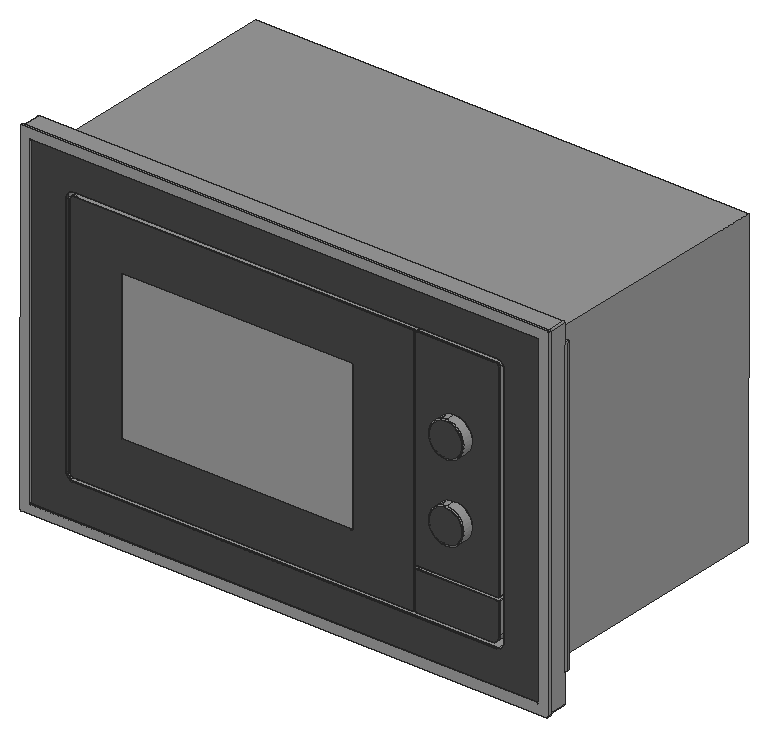
Revit family "ML-820 BI", category Specialty Equipment, Revit 2017
Family settings
  Round Connector Dimension = Use Diameter
  Part Type = Normal
  OmniClass Number = 23.75.00.00
  OmniClass Title = Climate Control (HVAC)
  Work Plane-Based = No
  Always vertical = Yes
  Cut with Voids When Loaded = No
  Shared = No
  Room Calculation Point = No
Parameters (values of type "ML 820 BI")
  URL = "www.teka.cl"
  Perilla Negro = Teka_Perilla Negro
  Perilla Aluminio = Teka_Acero Inox
  Panel Vidrio = Teka_Panel Vidrio
  Panel Negro = Teka_Panel Negro
  Panel Interior = Teka_Panel Interior
  Model = "ML 820 BI"
  Manufacturer = "Teka"
  Logo Teka = Teka_Logo
  Interior Negro = Teka_Interior Negro
  Description = "Microondas empotrable para muebles de cocina"
  Ca_Web del Representante = "www.teka.cl"
  Ca_Web del Fabricante = "www.teka.com"
  Ca_Usos = "Microondas empotrable para muebles de cocina"
  Ca_Teléfono = "99821 1017"
  Ca_Representante = "Teka"
  Ca_Profundidad Interior = 280 mm
  Ca_Profundidad = 325 mm
  Ca_Producto = "Microondas ML 820 BI"
  Ca_Peso = "21,5 kg"
  Ca_País de Fabricación = "Portugal"
  Ca_Medidas de embalaje = "450 x 645 x 440 mm"
  Ca_Material Principal = "Acero inoxidable antihuella"
  Ca_Masterformat = "11 30 13.13"
  Ca_Itemizado CDT = "E 08 06 02"
  Ca_Instalación = "Empotrado"
  Ca_Fabricante = "Teka"
  Ca_Especificaciones Técnicas = "Microondas empotrable para cocina modelo ML 820 BI"
  Ca_Código del Producto = "40584201"
  Ca_Código EAN = "8421152145562"
  Ca_Código Catálogo Arquitectura = "465_TEK_014"
  Ca_Creado por = "Catálogo Arquitectura"
  Ca_Contacto = "Khorzella@teka.cl"
  Ca_Clase de Eficiencia Energética = ""
  Ca_Certificaciones = ""
  Ca_Capacidad en Litros = 20
  Ca_Ancho Interior = 305 mm
  Ca_Ancho = 595 mm
  Ca_Alto Interior = 210 mm
  Ca_Alto = 390 mm
  Ca_4_Plato dorador = no
  Ca_4_Parrilla para cocinado = "No"
  Ca_3_Ventilación de enfriamiento = yes
  Ca_3_Termostato de Seguridad = yes
  Ca_3_Puerta con chip de seguridad = yes
  Ca_3_Grill de resistencia = no
  Ca_3_Grill de cuarzo integrado = no
  Ca_3_Bloqueo de seguridad del panel = no
  Ca_2_Tipo de instalación = "Integración"
  Ca_2_Temporizador (minutos) = "60"
  Ca_2_Plato giratorio integrado = yes
  Ca_2_Panel de mandos electrónico = no
  Ca_2_Panel de mandos electromecánico = yes
  Ca_2_Panel de mandos Touch Control = yes
  Ca_2_Niveles de potencia = "5"
  Ca_2_Microondas + Grill = no
  Ca_2_Menus de cocción directa = "1"
  Ca_2_Marco de acero inox. opcional = "No"
  Ca_2_Interior cavidad = "Inox"
  Ca_2_Grill Abatible = no
  Ca_2_Funciones de cocinado = "1"
  Ca_2_Descongelación por tiempo = yes
  Ca_2_Descongelación por peso = no
  Ca_2_Botón + 30 segundos = no
  Ca_2_Botón + 1 minuto = no
  Ca_2_Base Cerámica = no
  Ca_2_Acabado Slim en acero inox antihuella = yes
  Ca_1_Tensión 220/240 V. = "SI"
  Ca_1_Potencia turbo W. = "-"
  Ca_1_Potencia salida mwo W. = "700"
  Ca_1_Potencia nominal max. W. = "1100"
  Ca_1_Potencia grill W. = "-"
  Ca_1_Frecuencia Hz. = "50"
  Ca_1_Cable de conexión = 0 mm
  Borde Aluminio = Teka_Acero Inox
Reference planes
  plane 1 "Centro (Frontal/Posterior)": y = 0
  plane 2: z = 0
  plane 3 "Centro (Izquierda/Derecha)": x = 0
  plane 4: x = -177.5
  plane 5: x = 177.5
  plane 6: y = 81.25
  plane 7: y = -82.05
Forms (mm)
  Extrusion 1, solid, material "Teka_Panel Vidrio" <- "Panel Vidrio"
    sketch origin (-917.72, -163.25, 4000) x (-1, 0, 0) y (0, 0, 1)
      loop
        line (-675.72, -3943) -> (-675.72, -3667)
        arc (-675.72, -3667) -> (-676.891, -3664.172) -> (-679.72, -3663) r 4
        line (-679.72, -3663) -> (-1060.92, -3663)
        arc (-1060.92, -3663) -> (-1062.334, -3663.586) -> (-1062.92, -3665) r 2
        line (-1062.92, -3665) -> (-1062.92, -3945)
        arc (-1062.92, -3945) -> (-1062.334, -3946.414) -> (-1060.92, -3947) r 2
        line (-1060.92, -3947) -> (-679.72, -3947)
        arc (-679.72, -3947) -> (-676.891, -3945.828) -> (-675.72, -3943) r 4
    from -1 to 0
  Extrusion 2, solid, material "Teka_Acero Inox" <- "Borde Aluminio"
    sketch origin (-917.72, -162.45, 4000) x (-1, 0, 0) y (0, 0, 1)
      loop
        line (-1213.72, -4000) -> (-621.72, -4000)
        arc (-621.72, -4000) -> (-620.659, -3999.561) -> (-620.22, -3998.5) r 1.5
        line (-620.22, -3998.5) -> (-620.22, -3611.5)
        arc (-620.22, -3611.5) -> (-620.659, -3610.439) -> (-621.72, -3610) r 1.5
        line (-621.72, -3610) -> (-1213.72, -3610)
        arc (-1213.72, -3610) -> (-1214.78, -3610.439) -> (-1215.22, -3611.5) r 1.5
        line (-1215.22, -3611.5) -> (-1215.22, -3998.5)
        arc (-1215.22, -3998.5) -> (-1214.78, -3999.561) -> (-1213.72, -4000) r 1.5
      loop
        line (-1203.22, -3989.5) -> (-632.22, -3989.5)
        arc (-632.22, -3989.5) -> (-631.159, -3989.061) -> (-630.72, -3988) r 1.5
        line (-630.72, -3988) -> (-630.72, -3622)
        arc (-630.72, -3622) -> (-631.159, -3620.939) -> (-632.22, -3620.5) r 1.5
        line (-632.22, -3620.5) -> (-1203.22, -3620.5)
        arc (-1203.22, -3620.5) -> (-1204.28, -3620.939) -> (-1204.72, -3622) r 1.5
        line (-1204.72, -3622) -> (-1204.72, -3988)
        arc (-1204.72, -3988) -> (-1204.28, -3989.061) -> (-1203.22, -3989.5) r 1.5
    from 0 to -2.554
  Extrusion 3, solid, material "Teka_Panel Negro" <- "Panel Negro"
    sketch origin (-917.72, -163.25, 4000) x (-1, 0, 0) y (0, 0, 1)
      loop
        line (-1155.72, -3951.5) -> (-679.72, -3951.5)
        arc (-679.72, -3951.5) -> (-673.709, -3949.01) -> (-671.22, -3943) r 8.5
        line (-671.22, -3943) -> (-671.22, -3667)
        arc (-671.22, -3667) -> (-673.709, -3660.99) -> (-679.72, -3658.5) r 8.5
        line (-679.72, -3658.5) -> (-1155.72, -3658.5)
        arc (-1155.72, -3658.5) -> (-1161.73, -3660.99) -> (-1164.22, -3667) r 8.5
        line (-1164.22, -3667) -> (-1164.22, -3943)
        arc (-1164.22, -3943) -> (-1161.73, -3949.01) -> (-1155.72, -3951.5) r 8.5
      loop
        arc (-632.22, -3989.5) -> (-631.159, -3989.061) -> (-630.72, -3988) r 1.5
        line (-630.72, -3988) -> (-630.72, -3622)
        arc (-630.72, -3622) -> (-631.159, -3620.939) -> (-632.22, -3620.5) r 1.5
        line (-632.22, -3620.5) -> (-1203.22, -3620.5)
        arc (-1203.22, -3620.5) -> (-1204.28, -3620.939) -> (-1204.72, -3622) r 1.5
        line (-1204.72, -3622) -> (-1204.72, -3988)
        arc (-1204.72, -3988) -> (-1204.28, -3989.061) -> (-1203.22, -3989.5) r 1.5
        line (-1203.22, -3989.5) -> (-632.22, -3989.5)
    from 0 to 0.8
  Extrusion 4, solid, material "Teka_Interior Negro" <- "Interior Negro"
    sketch origin (-917.72, -162.45, 4000) x (-1, 0, 0) y (0, 0, 1)
      loop
        arc (-621.22, -3612.555) -> (-621.675, -3611.455) -> (-622.774, -3611) r 1.555
        line (-622.774, -3611) -> (-1212.665, -3611)
        arc (-1212.665, -3611) -> (-1213.764, -3611.455) -> (-1214.22, -3612.555) r 1.555
        line (-1214.22, -3612.555) -> (-1214.22, -3997.445)
        arc (-1214.22, -3997.445) -> (-1213.764, -3998.545) -> (-1212.665, -3999) r 1.555
        line (-1212.665, -3999) -> (-622.774, -3999)
        arc (-622.774, -3999) -> (-621.675, -3998.545) -> (-621.22, -3997.445) r 1.555
        line (-621.22, -3997.445) -> (-621.22, -3612.555)
      loop
        line (-992.82, -3889) -> (-732.82, -3889) -> (-732.82, -3721) -> (-992.82, -3721) -> (-992.82, -3889)
    from 0 to 21.2
  Extrusion 5, solid, material "Teka_Acero Inox" <- "Borde Aluminio"
    sketch origin (-287, -1530.25, 864.408) x (0, 0, 1) y (0, -1, 0)
      loop
        line (-496.808, -1671.5) -> (-496.808, -1389) -> (-829.408, -1389) -> (-829.408, -1671.5) -> (-496.808, -1671.5)
    from 9.5 to 564.5
  Extrusion 6, solid, material "Teka_Panel Interior" <- "Panel Interior"
    sketch origin (-917.72, -141.25, 4000) x (-1, 0, 0) y (0, 0, 1)
      loop
        line (-992.82, -3889) -> (-732.82, -3889) -> (-732.82, -3721) -> (-992.82, -3721) -> (-992.82, -3889)
    from 0 to -21.2
  Blend 7, solid, material "Teka_Acero Inox" <- "Borde Aluminio"
    base sketch origin (-304.4, 141.25, 0) x (0, 0, 1) y (1, 0, 0)
      loop
        line (135, 84.5) -> (269.1, 84.5)
        arc (269.1, 84.5) -> (286.778, 91.822) -> (294.1, 109.5) r 25
        line (294.1, 109.5) -> (294.1, 389.5)
        arc (294.1, 389.5) -> (286.778, 407.178) -> (269.1, 414.5) r 25
        line (269.1, 414.5) -> (135, 414.5)
        arc (135, 414.5) -> (117.322, 407.178) -> (110, 389.5) r 25
        line (110, 389.5) -> (110, 109.5)
        arc (110, 109.5) -> (117.322, 91.822) -> (135, 84.5) r 25
    top sketch origin (-304.4, 141.25, 0) x (0, 0, 1) y (1, 0, 0)
      loop
        line (266.5, 159.5) -> (266.5, 339.5)
        arc (266.5, 339.5) -> (259.178, 357.178) -> (241.5, 364.5) r 25
        line (241.5, 364.5) -> (185, 364.5)
        arc (185, 364.5) -> (167.322, 357.178) -> (160, 339.5) r 25
        line (160, 339.5) -> (160, 159.5)
        arc (160, 159.5) -> (167.322, 141.822) -> (185, 134.5) r 25
        line (185, 134.5) -> (241.5, 134.5)
        arc (241.5, 134.5) -> (259.178, 141.822) -> (266.5, 159.5) r 25
    from 0 to 29.5
  Extrusion 8, solid, material "Teka_Panel Negro" <- "Panel Negro"
    sketch origin (-287, 141.25, 0) x (0, 0, 1) y (1, 0, 0)
      loop
        line (337.6, 429.5) -> (337.6, 469.5) -> (315.1, 469.5) -> (315.1, 429.5) -> (337.6, 429.5)
    from 0 to 20
  Revolve 9, solid, material "Teka_Acero Inox" <- "Perilla Aluminio"
    sketch origin (193.946, 2.25, 103.969) x (0, -1, 0) y (0, 0, 1)
      loop
        arc (182.5, 78.559) -> (182.079, 79.204) -> (181.368, 79.499) r 1.302
        line (181.368, 79.499) -> (170.658, 79.615) -> (170, 78.263) -> (182.5, 78.559)
      axis (170, 59.744) -> (182.5, 59.744)
    angle from 0 to 360
  Extrusion 10, solid, material "Teka_Perilla Negro" <- "Perilla Negro"
    sketch origin (-818.773, -274.25, 4110.482) x (-1, 0, 0) y (0, 0, 1)
      loop
        circle (-1012.685, -3946.75) r 18.5
    from 106.5 to 107.5
  Extrusion 11, solid, material "Teka_Perilla Negro" <- "Perilla Negro"
    sketch origin (-818.773, -274.882, 4110.482) x (-1, 0, 0) y (0, 0, 1)
      loop
        circle (-1012.72, -3946.768) r 5
    from 108.132 to 110.632
  Extrusion 12, solid, material "Teka_Perilla Negro" <- "Perilla Negro"
    sketch origin (-818.773, -275.75, 4110.482) x (-1, 0, 0) y (0, 0, 1)
      loop
        circle (-1012.72, -3946.768) r 18.814
    from 95.18 to 96.632
  Revolve 13, solid, material "Teka_Acero Inox" <- "Perilla Aluminio"
    sketch origin (193.946, 2.25, 191.092) x (0, -1, 0) y (0, 0, 1)
      loop
        arc (182.5, 78.559) -> (182.079, 79.204) -> (181.368, 79.499) r 1.302
        line (181.368, 79.499) -> (170.658, 79.615) -> (170, 78.263) -> (182.5, 78.559)
      axis (170, 59.744) -> (182.5, 59.744)
    angle from 0 to 360
  Extrusion 14, solid, material "Teka_Perilla Negro" <- "Perilla Negro"
    sketch origin (-818.773, -274.25, 4197.605) x (-1, 0, 0) y (0, 0, 1)
      loop
        circle (-1012.685, -3946.75) r 18.5
    from 106.5 to 107.5
  Extrusion 15, solid, material "Teka_Perilla Negro" <- "Perilla Negro"
    sketch origin (-818.773, -274.882, 4197.605) x (-1, 0, 0) y (0, 0, 1)
      loop
        circle (-1012.72, -3946.768) r 5
    from 108.132 to 110.632
  Extrusion 16, solid, material "Teka_Perilla Negro" <- "Perilla Negro"
    sketch origin (-818.773, -275.75, 4197.605) x (-1, 0, 0) y (0, 0, 1)
      loop
        circle (-1012.72, -3946.768) r 18.814
    from 95.18 to 96.632
  Extrusion 17, solid, material "Teka_Panel Negro" <- "Panel Negro"
    sketch origin (-1088.267, -163.25, 3637.477) x (-1, 0, 0) y (0, 0, 1)
      loop
        arc (-846.267, -3304.477) -> (-847.438, -3301.648) -> (-850.267, -3300.477) r 4
        line (-850.267, -3300.477) -> (-1231.467, -3300.477)
        arc (-1231.467, -3300.477) -> (-1232.881, -3301.063) -> (-1233.467, -3302.477) r 2
        line (-1233.467, -3302.477) -> (-1233.467, -3582.477)
        arc (-1233.467, -3582.477) -> (-1232.881, -3583.891) -> (-1231.467, -3584.477) r 2
        line (-1231.467, -3584.477) -> (-850.267, -3584.477)
        arc (-850.267, -3584.477) -> (-847.438, -3583.305) -> (-846.267, -3580.477) r 4
        line (-846.267, -3580.477) -> (-846.267, -3304.477)
      loop
        arc (-1237.267, -3584.477) -> (-1235.853, -3583.891) -> (-1235.267, -3582.477) r 2
        line (-1235.267, -3582.477) -> (-1235.267, -3541.477)
        arc (-1235.267, -3541.477) -> (-1235.56, -3540.77) -> (-1236.267, -3540.477) r 1
        line (-1236.267, -3540.477) -> (-1327.967, -3540.477)
        arc (-1327.967, -3540.477) -> (-1328.674, -3540.77) -> (-1328.967, -3541.477) r 1
        line (-1328.967, -3541.477) -> (-1328.967, -3575.977)
        arc (-1328.967, -3575.977) -> (-1326.477, -3581.987) -> (-1320.467, -3584.477) r 8.5
        line (-1320.467, -3584.477) -> (-1237.267, -3584.477)
      loop
        line (-1327.967, -3537.077) -> (-1236.267, -3537.077)
        arc (-1236.267, -3537.077) -> (-1235.56, -3536.784) -> (-1235.267, -3536.077) r 1
        line (-1235.267, -3536.077) -> (-1235.267, -3302.477)
        arc (-1235.267, -3302.477) -> (-1235.853, -3301.063) -> (-1237.267, -3300.477) r 2
        line (-1237.267, -3300.477) -> (-1324.967, -3300.477)
        arc (-1324.967, -3300.477) -> (-1327.795, -3301.648) -> (-1328.967, -3304.477) r 4
        line (-1328.967, -3304.477) -> (-1328.967, -3536.077)
        arc (-1328.967, -3536.077) -> (-1328.674, -3536.784) -> (-1327.967, -3537.077) r 1
      loop
        line (-903.367, -3526.477) -> (-903.367, -3358.477) -> (-1163.367, -3358.477) -> (-1163.367, -3526.477) -> (-903.367, -3526.477)
    from 0 to 0.8
  Extrusion 18, solid, material "Teka_Panel Vidrio" <- "Panel Vidrio"
    sketch origin (-962.72, -163.25, 4045) x (-1, 0, 0) y (0, 0, 1)
      loop
        line (-675.72, -4033) -> (-675.72, -3667)
        arc (-675.72, -3667) -> (-676.159, -3665.939) -> (-677.22, -3665.5) r 1.5
        line (-677.22, -3665.5) -> (-1248.22, -3665.5)
        arc (-1248.22, -3665.5) -> (-1249.28, -3665.939) -> (-1249.72, -3667) r 1.5
        line (-1249.72, -3667) -> (-1249.72, -4033)
        arc (-1249.72, -4033) -> (-1249.28, -4034.061) -> (-1248.22, -4034.5) r 1.5
        line (-1248.22, -4034.5) -> (-677.22, -4034.5)
        arc (-677.22, -4034.5) -> (-676.159, -4034.061) -> (-675.72, -4033) r 1.5
      loop
        line (-716.22, -3988) -> (-716.22, -3712)
        arc (-716.22, -3712) -> (-718.709, -3705.99) -> (-724.72, -3703.5) r 8.5
        line (-724.72, -3703.5) -> (-1200.72, -3703.5)
        arc (-1200.72, -3703.5) -> (-1206.73, -3705.99) -> (-1209.22, -3712) r 8.5
        line (-1209.22, -3712) -> (-1209.22, -3988)
        arc (-1209.22, -3988) -> (-1206.73, -3994.01) -> (-1200.72, -3996.5) r 8.5
        line (-1200.72, -3996.5) -> (-724.72, -3996.5)
        arc (-724.72, -3996.5) -> (-718.709, -3994.01) -> (-716.22, -3988) r 8.5
    from -1 to 0
  Extrusion 19, solid, material "Teka_Panel Vidrio" <- "Panel Vidrio"
    sketch origin (-12.257, -163.25, 3909.244) x (-1, 0, 0) y (0, 0, 1)
      loop
        arc (-251.957, -3812.244) -> (-252.664, -3812.537) -> (-252.957, -3813.244) r 1
        line (-252.957, -3813.244) -> (-252.957, -3847.744)
        arc (-252.957, -3847.744) -> (-250.467, -3853.755) -> (-244.457, -3856.244) r 8.5
        line (-244.457, -3856.244) -> (-161.257, -3856.244)
        arc (-161.257, -3856.244) -> (-159.842, -3855.658) -> (-159.257, -3854.244) r 2
        line (-159.257, -3854.244) -> (-159.257, -3813.244)
        arc (-159.257, -3813.244) -> (-159.549, -3812.537) -> (-160.257, -3812.244) r 1
        line (-160.257, -3812.244) -> (-251.957, -3812.244)
      loop
        arc (-160.257, -3808.844) -> (-159.549, -3808.551) -> (-159.257, -3807.844) r 1
        line (-159.257, -3807.844) -> (-159.257, -3574.244)
        arc (-159.257, -3574.244) -> (-159.842, -3572.83) -> (-161.257, -3572.244) r 2
        line (-161.257, -3572.244) -> (-248.957, -3572.244)
        arc (-248.957, -3572.244) -> (-251.785, -3573.416) -> (-252.957, -3576.244) r 4
        line (-252.957, -3576.244) -> (-252.957, -3807.844)
        arc (-252.957, -3807.844) -> (-252.664, -3808.551) -> (-251.957, -3808.844) r 1
        line (-251.957, -3808.844) -> (-160.257, -3808.844)
    from -1 to 0
  Extrusion 20, void
    sketch origin (0, 0, 0) x (1, 0, 0) y (0, 0, 1)
      loop
        arc (-246.5, 57) -> (-244.01, 50.99) -> (-238, 48.5) r 8.5
        line (-238, 48.5) -> (238, 48.5)
        arc (238, 48.5) -> (244.01, 50.99) -> (246.5, 57) r 8.5
        line (246.5, 57) -> (246.5, 333)
        arc (246.5, 333) -> (244.01, 339.01) -> (238, 341.5) r 8.5
        line (238, 341.5) -> (-238, 341.5)
        arc (-238, 341.5) -> (-244.01, 339.01) -> (-246.5, 333) r 8.5
        line (-246.5, 333) -> (-246.5, 57)
      loop
        line (-242, 333) -> (-242, 57)
        arc (-242, 57) -> (-240.828, 54.172) -> (-238, 53) r 4
        line (-238, 53) -> (143.2, 53)
        arc (143.2, 53) -> (144.614, 53.586) -> (145.2, 55) r 2
        line (145.2, 55) -> (145.2, 335)
        arc (145.2, 335) -> (144.614, 336.414) -> (143.2, 337) r 2
        line (143.2, 337) -> (-238, 337)
        arc (-238, 337) -> (-240.828, 335.828) -> (-242, 333) r 4
      loop
        line (236.7, 337) -> (149, 337)
        arc (149, 337) -> (147.586, 336.414) -> (147, 335) r 2
        line (147, 335) -> (147, 101.4)
        arc (147, 101.4) -> (147.293, 100.693) -> (148, 100.4) r 1
        line (148, 100.4) -> (239.7, 100.4)
        arc (239.7, 100.4) -> (240.407, 100.693) -> (240.7, 101.4) r 1
        line (240.7, 101.4) -> (240.7, 333)
        arc (240.7, 333) -> (239.528, 335.828) -> (236.7, 337) r 4
      loop
        line (239.7, 97) -> (148, 97)
        arc (148, 97) -> (147.293, 96.707) -> (147, 96) r 1
        line (147, 96) -> (147, 55)
        arc (147, 55) -> (147.586, 53.586) -> (149, 53) r 2
        line (149, 53) -> (232.2, 53)
        arc (232.2, 53) -> (238.21, 55.49) -> (240.7, 61.5) r 8.5
        line (240.7, 61.5) -> (240.7, 96)
        arc (240.7, 96) -> (240.407, 96.707) -> (239.7, 97) r 1
    from 144.4 to 165.004
  Extrusion 21, solid, material "Teka_Interior Negro" <- "Interior Negro"
    sketch origin (0, 0, 0) x (1, 0, 0) y (0, 1, 0)
      loop
        arc (-277.5, -122.285) -> (-278.5, -121.285) -> (-279.5, -122.285) r 1
        line (-279.5, -122.285) -> (-279.5, -138.261)
        arc (-279.5, -138.261) -> (-279.79, -138.96) -> (-280.489, -139.25) r 0.989
        line (-280.489, -139.25) -> (-293.47, -139.25)
        arc (-293.47, -139.25) -> (-294.198, -138.948) -> (-294.5, -138.22) r 1.03
        line (-294.5, -138.22) -> (-294.5, -136.271)
        arc (-294.5, -136.271) -> (-295.5, -135.271) -> (-296.5, -136.271) r 1
        line (-296.5, -136.271) -> (-296.5, -140.217)
        arc (-296.5, -140.217) -> (-296.198, -140.948) -> (-295.467, -141.25) r 1.033
        line (-295.467, -141.25) -> (-278.528, -141.25)
        arc (-278.528, -141.25) -> (-277.801, -140.949) -> (-277.5, -140.222) r 1.028
        line (-277.5, -140.222) -> (-277.5, -122.285)
    from 35 to 367.6
  Extrusion 22, solid, material "Teka_Interior Negro" <- "Interior Negro"
    sketch origin (0, 0, 0) x (-1, 0, 0) y (0, -1, 0)
      loop
        line (-277.5, 122.285) -> (-277.5, 140.222)
        arc (-277.5, 140.222) -> (-277.801, 140.949) -> (-278.528, 141.25) r 1.028
        line (-278.528, 141.25) -> (-295.467, 141.25)
        arc (-295.467, 141.25) -> (-296.198, 140.948) -> (-296.5, 140.217) r 1.033
        line (-296.5, 140.217) -> (-296.5, 136.271)
        arc (-296.5, 136.271) -> (-295.5, 135.271) -> (-294.5, 136.271) r 1
        line (-294.5, 136.271) -> (-294.5, 138.22)
        arc (-294.5, 138.22) -> (-294.198, 138.948) -> (-293.47, 139.25) r 1.03
        line (-293.47, 139.25) -> (-280.489, 139.25)
        arc (-280.489, 139.25) -> (-279.79, 138.96) -> (-279.5, 138.261) r 0.989
        line (-279.5, 138.261) -> (-279.5, 122.285)
        arc (-279.5, 122.285) -> (-278.5, 121.285) -> (-277.5, 122.285) r 1
    from 35 to 367.6
Cuts and joins
  Extrusion 20 cuts Extrusion 3
  Extrusion 20 cuts Extrusion 4
  Extrusion 20 cuts Extrusion 5
  Extrusion 20 cuts Extrusion 6
  Extrusion 20 cuts Revolve 9
  Extrusion 20 cuts Extrusion 10
  Extrusion 20 cuts Extrusion 11
  Extrusion 20 cuts Extrusion 12
  Extrusion 20 cuts Revolve 13
  Extrusion 20 cuts Extrusion 14
  Extrusion 20 cuts Extrusion 15
  Extrusion 20 cuts Extrusion 16
  Extrusion 20 cuts Extrusion 18
Lines and regions (mm)
  Split face 1
    outline origin (-818.773, -180.57, 4110.482) x (-1, 0, 0) y (0, 0, 1)
      loop
        circle (-1012.685, -3932.918) r 1
  Split face 2
    outline origin (-818.773, -180.57, 4197.605) x (-1, 0, 0) y (0, 0, 1)
      loop
        circle (-1012.685, -3932.918) r 1
  Split face 3
    outline origin (-917.72, -164.25, 4000) x (-1, 0, 0) y (0, 0, 1)
      loop
        line (-900.625, -3926.338) -> (-902.843, -3918.061) -> (-900.3, -3918.061) -> (-900.747, -3916.39) -> (-928.213, -3916.39) -> (-927.765, -3918.061) -> (-904.88, -3918.061) -> (-902.354, -3926.338) -> (-900.625, -3926.338)
  Split face 4
    outline origin (-917.72, -164.25, 4000) x (-1, 0, 0) y (0, 0, 1)
      loop
        circle (-904.966, -3912.828) r 2.543
  Split face 5
    outline origin (-917.72, -164.25, 4000) x (-1, 0, 0) y (0, 0, 1)
      loop
        line (-911.641, -3922.208) -> (-907.38, -3924.668) -> (-910.824, -3924.668) -> (-910.376, -3926.338) -> (-908.161, -3926.338)
        arc (-908.161, -3926.338) -> (-905.461, -3920.533) -> (-911.641, -3922.208) r 3.531
  Split face 6
    outline origin (-917.72, -164.25, 4000) x (-1, 0, 0) y (0, 0, 1)
      loop
        line (-909.809, -3921.856) -> (-906.513, -3923.759)
        arc (-906.513, -3923.759) -> (-907.21, -3921.159) -> (-909.809, -3921.856) r 1.903
  Split face 7
    outline origin (-917.72, -164.25, 4000) x (-1, 0, 0) y (0, 0, 1)
      loop
        line (-913.647, -3919.633) -> (-915.376, -3919.633) -> (-914.706, -3922.134) -> (-917.207, -3919.633) -> (-919.509, -3919.633) -> (-916.108, -3923.034) -> (-918.997, -3926.338) -> (-916.835, -3926.338) -> (-914.343, -3923.488) -> (-913.58, -3926.338) -> (-911.85, -3926.338) -> (-913.647, -3919.633)
  Split face 8
    outline origin (-917.72, -164.25, 4000) x (-1, 0, 0) y (0, 0, 1)
      loop
        arc (-922.399, -3926.338) -> (-919.379, -3921.529) -> (-925.022, -3920.899) r 3.353
        line (-925.022, -3920.899) -> (-925.362, -3919.633) -> (-927.344, -3919.633) -> (-925.547, -3926.338) -> (-922.399, -3926.338)
  Split face 9
    outline origin (-917.72, -164.25, 4000) x (-1, 0, 0) y (0, 0, 1)
      loop
        line (-924.428, -3923.115) -> (-923.973, -3924.817) -> (-922.602, -3924.817)
        arc (-922.602, -3924.817) -> (-921.354, -3921.646) -> (-924.428, -3923.115) r 1.831
  Split face 10
    outline origin (-12.257, -164.25, 3909.244) x (-1, 0, 0) y (0, 0, 1)
      loop
        circle (-206.107, -3706.543) r 3.1
  Split face 11
    outline origin (-12.257, -164.25, 3909.244) x (-1, 0, 0) y (0, 0, 1)
      loop
        circle (-206.107, -3706.543) r 2.5
  Split face 12
    outline origin (-12.257, -164.25, 3909.244) x (-1, 0, 0) y (0, 0, 1)
      loop
        line (-205.707, -3705.043) -> (-206.507, -3705.043) -> (-206.507, -3708.043) -> (-205.707, -3708.043) -> (-205.707, -3705.043)
  Split face 13
    outline origin (-12.257, -164.25, 3909.244) x (-1, 0, 0) y (0, 0, 1)
      loop
        line (-209.216, -3716.643) -> (-209.216, -3722.219) -> (-202.997, -3722.219) -> (-202.997, -3716.643) -> (-209.216, -3716.643)
  Split face 14
    outline origin (-12.257, -164.25, 3909.244) x (-1, 0, 0) y (0, 0, 1)
      loop
        line (-203.297, -3721.919) -> (-203.297, -3716.943) -> (-208.916, -3716.943) -> (-208.916, -3721.919) -> (-203.297, -3721.919)
  Split face 15
    outline origin (-12.257, -164.25, 3909.244) x (-1, 0, 0) y (0, 0, 1)
      loop
        line (-206.233, -3717.899) -> (-207.069, -3717.899) -> (-207.069, -3720.963) -> (-205.719, -3720.963) -> (-206.233, -3720.35) -> (-205.719, -3719.737) -> (-206.233, -3719.124) -> (-205.719, -3718.512) -> (-206.233, -3717.899)
  Split face 16
    outline origin (-12.257, -164.25, 3909.244) x (-1, 0, 0) y (0, 0, 1)
      loop
        line (-206.494, -3717.899) -> (-205.98, -3718.512) -> (-206.494, -3719.124) -> (-205.98, -3719.737) -> (-206.494, -3720.35) -> (-205.98, -3720.963)
  Split face 17
    outline origin (-12.257, -164.25, 3909.244) x (-1, 0, 0) y (0, 0, 1)
      loop
        line (-222.043, -3723.425) -> (-228.261, -3723.425) -> (-228.261, -3729) -> (-222.043, -3729) -> (-222.043, -3723.425)
  Split face 18
    outline origin (-12.257, -164.25, 3909.244) x (-1, 0, 0) y (0, 0, 1)
      loop
        line (-222.343, -3728.7) -> (-222.343, -3723.725) -> (-227.961, -3723.725) -> (-227.961, -3728.7) -> (-222.343, -3728.7)
  Split face 19
    outline origin (-12.257, -164.25, 3909.244) x (-1, 0, 0) y (0, 0, 1)
      loop
        line (-226.039, -3724.681) -> (-225.525, -3725.293) -> (-226.039, -3725.906) -> (-225.525, -3726.519) -> (-226.039, -3727.132) -> (-225.525, -3727.745) -> (-224.264, -3727.745) -> (-224.778, -3727.132) -> (-224.264, -3726.519) -> (-224.778, -3725.906) -> (-224.264, -3725.293) -> (-224.778, -3724.681) -> (-226.039, -3724.681)
  Split face 20
    outline origin (-12.257, -164.25, 3909.244) x (-1, 0, 0) y (0, 0, 1)
      loop
        line (-225.039, -3724.681) -> (-224.525, -3725.293) -> (-225.039, -3725.906) -> (-224.525, -3726.519) -> (-225.039, -3727.132) -> (-224.525, -3727.745)
  Split face 21
    outline origin (-12.257, -164.25, 3909.244) x (-1, 0, 0) y (0, 0, 1)
      loop
        line (-225.778, -3724.681) -> (-225.264, -3725.293) -> (-225.778, -3725.906) -> (-225.264, -3726.519) -> (-225.778, -3727.132) -> (-225.264, -3727.745)
  Split face 22
    outline origin (-12.257, -164.25, 3909.244) x (-1, 0, 0) y (0, 0, 1)
      loop
        line (-187.333, -3729.777) -> (-184.544, -3728.167) -> (-184.544, -3724.947) -> (-187.333, -3723.337) -> (-190.121, -3724.947) -> (-190.121, -3728.167) -> (-187.333, -3729.777)
  Split face 23
    outline origin (-12.257, -164.25, 3909.244) x (-1, 0, 0) y (0, 0, 1)
      loop
        line (-189.949, -3728.266) -> (-189.042, -3727.743) -> (-189.129, -3728.739)
      loop
        line (-188.909, -3728.866) -> (-188.799, -3727.602) -> (-187.505, -3726.856) -> (-187.505, -3728.349) -> (-188.544, -3729.077)
      loop
        line (-187.505, -3729.677) -> (-187.505, -3728.63) -> (-188.325, -3729.204)
      loop
        line (-190.121, -3726.346) -> (-188.971, -3725.81) -> (-187.678, -3726.557) -> (-188.971, -3727.304) -> (-190.121, -3726.767)
      loop
        line (-190.121, -3725.146) -> (-189.214, -3725.669) -> (-190.121, -3726.092)
      loop
        line (-190.121, -3727.968) -> (-189.214, -3727.444) -> (-190.121, -3727.021)
      loop
        line (-189.949, -3724.847) -> (-189.042, -3725.371) -> (-189.129, -3724.374)
      loop
        line (-188.909, -3724.247) -> (-188.799, -3725.511) -> (-187.505, -3726.258) -> (-187.505, -3724.764) -> (-188.544, -3724.036)
      loop
        line (-187.505, -3723.436) -> (-187.505, -3724.483) -> (-188.325, -3723.909)
      loop
        line (-184.717, -3728.266) -> (-185.623, -3727.743) -> (-185.536, -3728.739)
      loop
        line (-185.756, -3728.866) -> (-185.866, -3727.602) -> (-187.16, -3726.856) -> (-187.16, -3728.349) -> (-186.121, -3729.077)
      loop
        line (-187.16, -3729.677) -> (-187.16, -3728.63) -> (-186.341, -3729.204)
      loop
        line (-184.544, -3726.346) -> (-185.694, -3725.81) -> (-186.988, -3726.557) -> (-185.694, -3727.304) -> (-184.544, -3726.767)
      loop
        line (-184.544, -3725.146) -> (-185.451, -3725.669) -> (-184.544, -3726.092)
      loop
        line (-184.544, -3727.968) -> (-185.451, -3727.444) -> (-184.544, -3727.021)
      loop
        line (-184.717, -3724.847) -> (-185.623, -3725.371) -> (-185.536, -3724.374)
      loop
        line (-185.756, -3724.247) -> (-185.866, -3725.511) -> (-187.16, -3726.258) -> (-187.16, -3724.764) -> (-186.121, -3724.036)
      loop
        line (-187.16, -3723.436) -> (-187.16, -3724.483) -> (-186.341, -3723.909)
  Split face 24
    outline origin (-12.257, -164.25, 3909.244) x (-1, 0, 0) y (0, 0, 1)
      loop
        line (-178.014, -3742.887) -> (-181.314, -3742.887) -> (-181.714, -3743.737) -> (-181.317, -3744.587) -> (-181.714, -3745.437) -> (-181.314, -3746.287) -> (-178.014, -3746.287) -> (-178.414, -3745.437) -> (-178.017, -3744.587) -> (-178.414, -3743.737) -> (-178.014, -3742.887)
  Split face 25
    outline origin (-12.257, -164.25, 3909.244) x (-1, 0, 0) y (0, 0, 1)
      loop
        line (-178.314, -3742.887) -> (-178.714, -3743.737) -> (-178.317, -3744.587) -> (-178.714, -3745.437) -> (-178.314, -3746.287)
      loop
        line (-179.514, -3742.887) -> (-179.914, -3743.737) -> (-179.517, -3744.587) -> (-179.914, -3745.437) -> (-179.514, -3746.287)
      loop
        line (-179.814, -3742.887) -> (-180.214, -3743.737) -> (-179.817, -3744.587) -> (-180.214, -3745.437) -> (-179.814, -3746.287)
      loop
        line (-181.014, -3742.887) -> (-181.414, -3743.737) -> (-181.017, -3744.587) -> (-181.414, -3745.437) -> (-181.014, -3746.287)
  Split face 26
    outline origin (-12.257, -164.25, 3909.244) x (-1, 0, 0) y (0, 0, 1)
      loop
        line (-183.86, -3748.513) -> (-175.86, -3748.462) -> (-175.86, -3745.862) -> (-177.01, -3745.862) -> (-177.01, -3746.712)
        arc (-177.01, -3746.712) -> (-177.259, -3747.314) -> (-177.86, -3747.562) r 0.85
        line (-177.86, -3747.562) -> (-181.86, -3747.562)
        arc (-181.86, -3747.562) -> (-182.461, -3747.314) -> (-182.71, -3746.712) r 0.85
        line (-182.71, -3746.712) -> (-182.71, -3745.862) -> (-183.86, -3745.862) -> (-183.86, -3748.513)
  Split face 27
    outline origin (-12.257, -164.25, 3909.244) x (-1, 0, 0) y (0, 0, 1)
      loop
        line (-176.71, -3745.862) -> (-176.71, -3746.712)
        arc (-176.71, -3746.712) -> (-177.047, -3747.526) -> (-177.86, -3747.862) r 1.15
        line (-177.86, -3747.862) -> (-181.86, -3747.862)
        arc (-181.86, -3747.862) -> (-182.673, -3747.526) -> (-183.01, -3746.712) r 1.15
        line (-183.01, -3746.712) -> (-183.01, -3745.862)
  Split face 28
    outline origin (-12.257, -164.25, 3909.244) x (-1, 0, 0) y (0, 0, 1)
      loop
        line (-235.318, -3747.983) -> (-229.1, -3747.983) -> (-229.1, -3742.408) -> (-235.318, -3742.408) -> (-235.318, -3747.983)
  Split face 29
    outline origin (-12.257, -164.25, 3909.244) x (-1, 0, 0) y (0, 0, 1)
      loop
        line (-229.4, -3747.683) -> (-229.4, -3742.708) -> (-235.018, -3742.708) -> (-235.018, -3747.683) -> (-229.4, -3747.683)
  Split face 30
    outline origin (-12.257, -164.25, 3909.244) x (-1, 0, 0) y (0, 0, 1)
      loop
        line (-231.336, -3743.663) -> (-233.597, -3743.663) -> (-233.083, -3744.276) -> (-233.597, -3744.889) -> (-233.083, -3745.502) -> (-233.597, -3746.115) -> (-233.083, -3746.728) -> (-230.822, -3746.728) -> (-231.336, -3746.115) -> (-230.822, -3745.502) -> (-231.336, -3744.889) -> (-230.822, -3744.276) -> (-231.336, -3743.663)
  Split face 31
    outline origin (-12.257, -164.25, 3909.244) x (-1, 0, 0) y (0, 0, 1)
      loop
        line (-231.597, -3743.663) -> (-231.083, -3744.276) -> (-231.597, -3744.889) -> (-231.083, -3745.502) -> (-231.597, -3746.115) -> (-231.083, -3746.728)
      loop
        line (-232.597, -3743.663) -> (-232.083, -3744.276) -> (-232.597, -3744.889) -> (-232.083, -3745.502) -> (-232.597, -3746.115) -> (-232.083, -3746.728)
      loop
        line (-232.336, -3743.663) -> (-231.822, -3744.276) -> (-232.336, -3744.889) -> (-231.822, -3745.502) -> (-232.336, -3746.115) -> (-231.822, -3746.728)
      loop
        line (-233.336, -3743.663) -> (-232.822, -3744.276) -> (-233.336, -3744.889) -> (-232.822, -3745.502) -> (-233.336, -3746.115) -> (-232.822, -3746.728)
  Split face 32
    outline origin (-12.257, -164.25, 3909.244) x (-1, 0, 0) y (0, 0, 1)
      loop
        circle (-206.107, -3622.223) r 3.1
  Split face 33
    outline origin (-12.257, -164.25, 3909.244) x (-1, 0, 0) y (0, 0, 1)
      loop
        circle (-206.107, -3622.223) r 2.8
  Split face 34
    outline origin (-12.257, -164.25, 3909.244) x (-1, 0, 0) y (0, 0, 1)
      loop
        line (-204.199, -3620.173) -> (-206.257, -3620.173) -> (-206.257, -3622.373) -> (-204.199, -3622.373) -> (-204.199, -3620.173)
  Split face 35
    outline origin (-12.257, -164.25, 3909.244) x (-1, 0, 0) y (0, 0, 1)
      loop
        line (-205.957, -3620.173) -> (-205.957, -3622.073) -> (-204.199, -3622.073)
  Split face 36
    outline origin (-12.257, -164.25, 3909.244) x (-1, 0, 0) y (0, 0, 1)
      loop
        arc (-206.907, -3634.759) -> (-206.107, -3635.559) -> (-205.307, -3634.759) r 0.8
        line (-205.307, -3634.759) -> (-205.307, -3632.999)
        arc (-205.307, -3632.999) -> (-206.107, -3632.199) -> (-206.907, -3632.999) r 0.8
        line (-206.907, -3632.999) -> (-206.907, -3634.759)
  Split face 37
    outline origin (-12.257, -164.25, 3909.244) x (-1, 0, 0) y (0, 0, 1)
      loop
        arc (-206.507, -3634.759) -> (-206.107, -3635.159) -> (-205.707, -3634.759) r 0.4
        line (-205.707, -3634.759) -> (-205.707, -3632.999)
        arc (-205.707, -3632.999) -> (-206.107, -3632.599) -> (-206.507, -3632.999) r 0.4
        line (-206.507, -3632.999) -> (-206.507, -3634.759)
  Split face 38
    outline origin (-12.257, -164.25, 3909.244) x (-1, 0, 0) y (0, 0, 1)
      loop
        line (-222.248, -3638.729) -> (-221.048, -3638.729)
        arc (-221.048, -3638.729) -> (-221.848, -3637.929) -> (-222.648, -3638.729) r 0.8
        line (-222.648, -3638.729) -> (-222.648, -3641.289) -> (-221.054, -3641.289) -> (-222.248, -3638.729)
  Split face 39
    outline origin (-12.257, -164.25, 3909.244) x (-1, 0, 0) y (0, 0, 1)
      loop
        line (-222.648, -3640.889) -> (-221.641, -3640.889) -> (-222.648, -3638.729)
  Split face 40
    outline origin (-12.257, -164.25, 3909.244) x (-1, 0, 0) y (0, 0, 1)
      loop
        arc (-221.448, -3638.729) -> (-221.848, -3638.329) -> (-222.248, -3638.729) r 0.4
  Split face 41
    outline origin (-12.257, -164.25, 3909.244) x (-1, 0, 0) y (0, 0, 1)
      loop
        line (-205.107, -3617.852) -> (-207.107, -3617.852) -> (-207.107, -3619.052) -> (-205.107, -3619.052) -> (-205.107, -3617.852)
  Split face 42
    outline origin (-12.257, -164.25, 3909.244) x (-1, 0, 0) y (0, 0, 1)
      loop
        line (-229.424, -3652.436) -> (-231.024, -3652.436) -> (-231.024, -3655.796) -> (-229.424, -3655.796) -> (-229.424, -3652.436)
  Split face 43
    outline origin (-12.257, -164.25, 3909.244) x (-1, 0, 0) y (0, 0, 1)
      loop
        line (-230.624, -3655.796) -> (-230.624, -3652.436)
  Split face 44
    outline origin (-12.257, -164.25, 3909.244) x (-1, 0, 0) y (0, 0, 1)
      loop
        line (-229.424, -3654.516) -> (-230.624, -3654.516)
      loop
        line (-229.424, -3654.116) -> (-230.624, -3654.116)
  Split face 45
    outline origin (-12.257, -164.25, 3909.244) x (-1, 0, 0) y (0, 0, 1)
      loop
        line (-229.915, -3654.116) -> (-230.624, -3653.124)
  Split face 46
    outline origin (-12.257, -164.25, 3909.244) x (-1, 0, 0) y (0, 0, 1)
      loop
        line (-229.424, -3654.116) -> (-230.624, -3652.436)
  Split face 47
    outline origin (-12.257, -164.25, 3909.244) x (-1, 0, 0) y (0, 0, 1)
      loop
        line (-221.048, -3675.448) -> (-222.648, -3675.448) -> (-222.648, -3678.808) -> (-221.048, -3678.808) -> (-221.048, -3675.448)
  Split face 48
    outline origin (-12.257, -164.25, 3909.244) x (-1, 0, 0) y (0, 0, 1)
      loop
        line (-221.048, -3675.848) -> (-222.105, -3675.848) -> (-221.048, -3678.808)
  Split face 49
    outline origin (-12.257, -164.25, 3909.244) x (-1, 0, 0) y (0, 0, 1)
      loop
        line (-221.448, -3678.808) -> (-222.648, -3675.448)
  Split face 50
    outline origin (-12.257, -164.25, 3909.244) x (-1, 0, 0) y (0, 0, 1)
      loop
        line (-215.282, -3683.061) -> (-213.682, -3683.061) -> (-213.682, -3679.701) -> (-215.282, -3679.701) -> (-215.282, -3683.061)
  Split face 51
    outline origin (-12.257, -164.25, 3909.244) x (-1, 0, 0) y (0, 0, 1)
      loop
        arc (-213.682, -3680.501) -> (-214.482, -3679.701) -> (-215.282, -3680.501) r 0.8
      loop
        arc (-213.682, -3682.261) -> (-214.482, -3683.061) -> (-215.282, -3682.261) r 0.8
  Split face 52
    outline origin (-12.257, -164.25, 3909.244) x (-1, 0, 0) y (0, 0, 1)
      loop
        arc (-214.082, -3680.501) -> (-214.482, -3680.101) -> (-214.882, -3680.501) r 0.4
        line (-214.882, -3680.501) -> (-214.882, -3682.261)
        arc (-214.882, -3682.261) -> (-214.482, -3682.661) -> (-214.082, -3682.261) r 0.4
        line (-214.082, -3682.261) -> (-214.082, -3680.501)
  Split face 53
    outline origin (-12.257, -164.25, 3909.244) x (-1, 0, 0) y (0, 0, 1)
      loop
        line (-214.082, -3681.181) -> (-214.882, -3681.181)
  Split face 54
    outline origin (-12.257, -164.25, 3909.244) x (-1, 0, 0) y (0, 0, 1)
      loop
        line (-214.082, -3681.581) -> (-214.882, -3681.581)
  Split face 55
    outline origin (-12.257, -164.25, 3909.244) x (-1, 0, 0) y (0, 0, 1)
      loop
        arc (-199.596, -3682.261) -> (-199.196, -3682.661) -> (-198.796, -3682.261) r 0.4
        line (-198.796, -3682.261) -> (-198.796, -3680.501)
        arc (-198.796, -3680.501) -> (-199.196, -3680.101) -> (-199.596, -3680.501) r 0.4
        line (-199.596, -3680.501) -> (-199.596, -3682.261)
  Split face 56
    outline origin (-12.257, -164.25, 3909.244) x (-1, 0, 0) y (0, 0, 1)
      loop
        arc (-199.996, -3682.261) -> (-199.196, -3683.061) -> (-198.396, -3682.261) r 0.8
        line (-198.396, -3682.261) -> (-198.396, -3680.501)
        arc (-198.396, -3680.501) -> (-199.196, -3679.701) -> (-199.996, -3680.501) r 0.8
        line (-199.996, -3680.501) -> (-199.996, -3682.261)
  Split face 57
    outline origin (-12.257, -164.25, 3909.244) x (-1, 0, 0) y (0, 0, 1)
      loop
        line (-192.23, -3676.248) -> (-192.23, -3678.008)
        arc (-192.23, -3678.008) -> (-191.83, -3678.408) -> (-191.43, -3678.008) r 0.4
        line (-191.43, -3678.008) -> (-191.43, -3676.248)
        arc (-191.43, -3676.248) -> (-191.83, -3675.848) -> (-192.23, -3676.248) r 0.4
  Split face 58
    outline origin (-12.257, -164.25, 3909.244) x (-1, 0, 0) y (0, 0, 1)
      loop
        line (-192.63, -3676.248) -> (-192.63, -3678.008)
        arc (-192.63, -3678.008) -> (-191.83, -3678.808) -> (-191.03, -3678.008) r 0.8
        line (-191.03, -3678.008) -> (-191.03, -3676.248)
        arc (-191.03, -3676.248) -> (-191.83, -3675.448) -> (-192.63, -3676.248) r 0.8
  Split face 59
    outline origin (-12.257, -164.25, 3909.244) x (-1, 0, 0) y (0, 0, 1)
      loop
        line (-189.965, -3676.248) -> (-188.765, -3676.248)
        arc (-188.765, -3676.248) -> (-189.565, -3675.448) -> (-190.365, -3676.248) r 0.8
        line (-190.365, -3676.248) -> (-190.365, -3678.808) -> (-188.771, -3678.808) -> (-189.965, -3676.248)
  Split face 60
    outline origin (-12.257, -164.25, 3909.244) x (-1, 0, 0) y (0, 0, 1)
      loop
        line (-190.365, -3678.408) -> (-189.358, -3678.408) -> (-190.365, -3676.248)
  Split face 61
    outline origin (-12.257, -164.25, 3909.244) x (-1, 0, 0) y (0, 0, 1)
      loop
        arc (-189.165, -3676.248) -> (-189.565, -3675.848) -> (-189.965, -3676.248) r 0.4
  Split face 62
    outline origin (-12.257, -164.25, 3909.244) x (-1, 0, 0) y (0, 0, 1)
      loop
        line (-186.763, -3669.733) -> (-186.763, -3671.493)
        arc (-186.763, -3671.493) -> (-186.363, -3671.893) -> (-185.963, -3671.493) r 0.4
        line (-185.963, -3671.493) -> (-185.963, -3669.733)
        arc (-185.963, -3669.733) -> (-186.363, -3669.333) -> (-186.763, -3669.733) r 0.4
  Split face 63
    outline origin (-12.257, -164.25, 3909.244) x (-1, 0, 0) y (0, 0, 1)
      loop
        line (-187.163, -3669.733) -> (-187.163, -3671.493)
        arc (-187.163, -3671.493) -> (-186.363, -3672.293) -> (-185.563, -3671.493) r 0.8
        line (-185.563, -3671.493) -> (-185.563, -3669.733)
        arc (-185.563, -3669.733) -> (-186.363, -3668.933) -> (-187.163, -3669.733) r 0.8
  Split face 64
    outline origin (-12.257, -164.25, 3909.244) x (-1, 0, 0) y (0, 0, 1)
      loop
        line (-184.254, -3661.741) -> (-184.254, -3663.501)
        arc (-184.254, -3663.501) -> (-183.454, -3664.301) -> (-182.654, -3663.501) r 0.8
        line (-182.654, -3663.501) -> (-182.654, -3661.741)
        arc (-182.654, -3661.741) -> (-183.454, -3660.941) -> (-184.254, -3661.741) r 0.8
  Split face 65
    outline origin (-12.257, -164.25, 3909.244) x (-1, 0, 0) y (0, 0, 1)
      loop
        line (-183.854, -3661.741) -> (-183.854, -3663.501)
        arc (-183.854, -3663.501) -> (-183.454, -3663.901) -> (-183.054, -3663.501) r 0.4
        line (-183.054, -3663.501) -> (-183.054, -3661.741)
        arc (-183.054, -3661.741) -> (-183.454, -3661.341) -> (-183.854, -3661.741) r 0.4
  Split face 66
    outline origin (-12.257, -164.25, 3909.244) x (-1, 0, 0) y (0, 0, 1)
      loop
        arc (-182.654, -3653.236) -> (-183.454, -3652.436) -> (-184.254, -3653.236) r 0.8
        line (-184.254, -3653.236) -> (-184.254, -3654.996)
        arc (-184.254, -3654.996) -> (-183.454, -3655.796) -> (-182.654, -3654.996) r 0.8
        line (-182.654, -3654.996) -> (-182.654, -3653.236)
  Split face 67
    outline origin (-12.257, -164.25, 3909.244) x (-1, 0, 0) y (0, 0, 1)
      loop
        arc (-183.054, -3653.236) -> (-183.454, -3652.836) -> (-183.854, -3653.236) r 0.4
        line (-183.854, -3653.236) -> (-183.854, -3654.996)
        arc (-183.854, -3654.996) -> (-183.454, -3655.396) -> (-183.054, -3654.996) r 0.4
        line (-183.054, -3654.996) -> (-183.054, -3653.236)
  Split face 68
    outline origin (-12.257, -164.25, 3909.244) x (-1, 0, 0) y (0, 0, 1)
      loop
        line (-181.989, -3655.796) -> (-180.389, -3655.796) -> (-180.389, -3652.436) -> (-181.989, -3652.436) -> (-181.989, -3655.796)
  Split face 69
    outline origin (-12.257, -164.25, 3909.244) x (-1, 0, 0) y (0, 0, 1)
      loop
        line (-181.989, -3652.836) -> (-180.789, -3652.836) -> (-180.789, -3653.716) -> (-181.989, -3653.716)
  Split face 70
    outline origin (-12.257, -164.25, 3909.244) x (-1, 0, 0) y (0, 0, 1)
      loop
        line (-180.389, -3654.116) -> (-181.589, -3654.116) -> (-181.589, -3655.396) -> (-180.389, -3655.396)
  Split face 71
    outline origin (-12.257, -164.25, 3909.244) x (-1, 0, 0) y (0, 0, 1)
      loop
        arc (-185.563, -3645.244) -> (-186.363, -3644.444) -> (-187.163, -3645.244) r 0.8
        line (-187.163, -3645.244) -> (-187.163, -3647.004)
        arc (-187.163, -3647.004) -> (-186.363, -3647.804) -> (-185.563, -3647.004) r 0.8
        line (-185.563, -3647.004) -> (-185.563, -3645.244)
  Split face 72
    outline origin (-12.257, -164.25, 3909.244) x (-1, 0, 0) y (0, 0, 1)
      loop
        arc (-185.963, -3645.244) -> (-186.363, -3644.844) -> (-186.763, -3645.244) r 0.4
        line (-186.763, -3645.244) -> (-186.763, -3647.004)
        arc (-186.763, -3647.004) -> (-186.363, -3647.404) -> (-185.963, -3647.004) r 0.4
        line (-185.963, -3647.004) -> (-185.963, -3645.244)
  Split face 73
    outline origin (-12.257, -164.25, 3909.244) x (-1, 0, 0) y (0, 0, 1)
      loop
        line (-183.298, -3647.804) -> (-183.298, -3644.444) -> (-184.898, -3644.444) -> (-184.898, -3647.804) -> (-183.298, -3647.804)
  Split face 74
    outline origin (-12.257, -164.25, 3909.244) x (-1, 0, 0) y (0, 0, 1)
      loop
        line (-228.115, -3647.804) -> (-226.515, -3647.804) -> (-226.515, -3644.444) -> (-228.115, -3644.444) -> (-228.115, -3647.804)
  Split face 75
    outline origin (-12.257, -164.25, 3909.244) x (-1, 0, 0) y (0, 0, 1)
      loop
        line (-226.515, -3644.944) -> (-227.715, -3644.944) -> (-227.715, -3647.304) -> (-226.515, -3647.304)
  Split face 76
    outline origin (-12.257, -164.25, 3909.244) x (-1, 0, 0) y (0, 0, 1)
      loop
        line (-226.515, -3645.924) -> (-227.715, -3645.924)
  Split face 77
    outline origin (-12.257, -164.25, 3909.244) x (-1, 0, 0) y (0, 0, 1)
      loop
        line (-226.515, -3646.324) -> (-227.715, -3646.324)
  Split face 78
    outline origin (-12.257, -164.25, 3909.244) x (-1, 0, 0) y (0, 0, 1)
      loop
        line (-231.024, -3664.301) -> (-229.424, -3664.301) -> (-229.424, -3660.941) -> (-231.024, -3660.941) -> (-231.024, -3664.301)
  Split face 79
    outline origin (-12.257, -164.25, 3909.244) x (-1, 0, 0) y (0, 0, 1)
      loop
        line (-231.024, -3661.341) -> (-229.824, -3661.341) -> (-229.824, -3662.221) -> (-231.024, -3662.221)
  Split face 80
    outline origin (-12.257, -164.25, 3909.244) x (-1, 0, 0) y (0, 0, 1)
      loop
        line (-229.424, -3662.621) -> (-230.624, -3662.621) -> (-230.624, -3663.901) -> (-229.424, -3663.901)
  Split face 81
    outline origin (-12.257, -164.25, 3909.244) x (-1, 0, 0) y (0, 0, 1)
      loop
        line (-228.115, -3668.933) -> (-228.115, -3672.293) -> (-226.515, -3672.293) -> (-226.515, -3668.933) -> (-228.115, -3668.933)
  Split face 82
    outline origin (-12.257, -164.25, 3909.244) x (-1, 0, 0) y (0, 0, 1)
      loop
        line (-226.915, -3672.293) -> (-226.915, -3669.333) -> (-228.115, -3669.333)
  Split face 83
    outline origin (-12.257, -164.25, 3908.658) x (-1, 0, 0) y (0, 0, 1)
      loop
        line (-226.915, -3670) -> (-228.115, -3670)
      loop
        line (-226.915, -3670.4) -> (-228.115, -3670.4)
  Split face 84
    outline origin (-12.257, -164.25, 3909.244) x (-1, 0, 0) y (0, 0, 1)
      loop
        line (-227.715, -3670.986) -> (-227.715, -3672.293)
  Split face 85
    outline origin (-12.257, -164.25, 3909.244) x (-1, 0, 0) y (0, 0, 1)
      loop
        line (-227.715, -3671.893) -> (-226.915, -3671.893)
  Split face 86
    outline origin (-12.257, -164.25, 3909.244) x (-1, 0, 0) y (0, 0, 1)
      loop
        line (-183.298, -3668.933) -> (-184.898, -3668.933) -> (-184.898, -3672.293) -> (-183.298, -3672.293) -> (-183.298, -3668.933)
  Split face 87
    outline origin (-12.257, -164.25, 3909.244) x (-1, 0, 0) y (0, 0, 1)
      loop
        line (-183.298, -3669.333) -> (-184.498, -3669.333) -> (-184.498, -3671.893) -> (-183.298, -3671.893)
  Split face 88
    outline origin (-12.257, -164.25, 3909.244) x (-1, 0, 0) y (0, 0, 1)
      loop
        line (-183.298, -3670.413) -> (-184.498, -3670.413)
      loop
        line (-183.298, -3670.813) -> (-184.498, -3670.813)
  Split face 89
    outline origin (-12.257, -164.25, 3909.244) x (-1, 0, 0) y (0, 0, 1)
      loop
        line (-183.698, -3647.804) -> (-183.698, -3644.444)
  Split face 90
    outline origin (-12.257, -164.25, 3909.244) x (-1, 0, 0) y (0, 0, 1)
      loop
        line (-183.698, -3644.844) -> (-184.898, -3644.844)
  Split face 91
    outline origin (-12.257, -164.25, 3909.244) x (-1, 0, 0) y (0, 0, 1)
      loop
        line (-183.698, -3646.144) -> (-184.898, -3646.144)
  Split face 92
    outline origin (-12.257, -164.25, 3909.244) x (-1, 0, 0) y (0, 0, 1)
      loop
        line (-183.698, -3647.404) -> (-184.498, -3647.404) -> (-184.498, -3646.544) -> (-183.698, -3646.544)
  Split face 93
    outline origin (-12.257, -164.25, 3909.244) x (-1, 0, 0) y (0, 0, 1)
      loop
        line (-206.907, -3684.538) -> (-205.307, -3684.538) -> (-205.307, -3681.178) -> (-206.907, -3681.178) -> (-206.907, -3684.538)
  Split face 94
    outline origin (-12.257, -164.25, 3909.244) x (-1, 0, 0) y (0, 0, 1)
      loop
        line (-206.907, -3681.581) -> (-205.307, -3681.581)
  Split face 95
    outline origin (-12.257, -164.25, 3909.244) x (-1, 0, 0) y (0, 0, 1)
      loop
        line (-206.507, -3681.581) -> (-206.507, -3684.138) -> (-205.307, -3684.138)
  Split face 96
    outline origin (-12.257, -164.25, 3909.244) x (-1, 0, 0) y (0, 0, 1)
      loop
        line (-206.507, -3682.881) -> (-205.707, -3682.881) -> (-205.707, -3681.581)
      loop
        line (-205.307, -3683.281) -> (-206.507, -3683.281)
  Split face 97
    outline origin (-12.257, -164.25, 3909.244) x (-1, 0, 0) y (0, 0, 1)
      loop
        line (-213.832, -3633.676) -> (-214.932, -3633.676) -> (-214.932, -3637.036) -> (-213.832, -3637.036) -> (-213.832, -3633.676)
  Split face 98
    outline origin (-12.257, -164.25, 3909.244) x (-1, 0, 0) y (0, 0, 1)
      loop
        line (-213.832, -3634.9) -> (-214.632, -3634.1) -> (-214.632, -3637.036)
      loop
        line (-214.632, -3633.676) -> (-213.832, -3634.476)
  Split face 99
    outline origin (-12.257, -164.25, 3909.244) x (-1, 0, 0) y (0, 0, 1)
      loop
        line (-196.417, -3679.701) -> (-197.517, -3679.701) -> (-197.517, -3683.061) -> (-196.417, -3683.061) -> (-196.417, -3679.701)
  Split face 100
    outline origin (-12.257, -164.25, 3909.244) x (-1, 0, 0) y (0, 0, 1)
      loop
        line (-196.417, -3680.925) -> (-197.217, -3680.125) -> (-197.217, -3683.061)
      loop
        line (-197.217, -3679.701) -> (-196.417, -3680.501)
  Split face 101
    outline origin (-12.257, -164.25, 3909.244) x (-1, 0, 0) y (0, 0, 1)
      loop
        line (-181.989, -3660.941) -> (-181.989, -3664.301) -> (-180.389, -3664.301) -> (-180.389, -3660.941) -> (-181.989, -3660.941)
  Split face 102
    outline origin (-12.257, -164.25, 3909.244) x (-1, 0, 0) y (0, 0, 1)
      loop
        line (-180.789, -3662.621) -> (-181.589, -3661.629) -> (-181.589, -3662.621) -> (-180.789, -3662.621)
  Split face 103
    outline origin (-12.257, -164.25, 3909.244) x (-1, 0, 0) y (0, 0, 1)
      loop
        line (-181.589, -3660.941) -> (-180.389, -3662.484)
  Split face 104
    outline origin (-12.257, -164.25, 3909.244) x (-1, 0, 0) y (0, 0, 1)
      loop
        line (-180.389, -3663.021) -> (-181.589, -3663.021) -> (-181.589, -3664.301)
  Split face 105
    outline origin (-12.257, -164.25, 3909.244) x (-1, 0, 0) y (0, 0, 1)
      loop
        line (-205.107, -3618.252) -> (-205.907, -3618.252) -> (-205.907, -3619.052)
      loop
        line (-207.107, -3618.252) -> (-206.307, -3618.252) -> (-206.307, -3619.052)
  Split face 106
    outline origin (-12.257, -164.25, 3909.244) x (-1, 0, 0) y (0, 0, 1)
      loop
        line (-202.997, -3831.944) -> (-209.216, -3831.944) -> (-209.216, -3835.544) -> (-207.226, -3835.544) -> (-207.226, -3837.083) -> (-202.997, -3835.544) -> (-202.997, -3831.944)
  Split face 107
    outline origin (-12.257, -164.25, 3909.244) x (-1, 0, 0) y (0, 0, 1)
      loop
        line (-203.397, -3835.264) -> (-203.397, -3832.515) -> (-206.826, -3833.763) -> (-206.826, -3836.512) -> (-203.397, -3835.264)
  Split face 108
    outline origin (-12.257, -164.25, 3909.244) x (-1, 0, 0) y (0, 0, 1)
      loop
        line (-207.226, -3833.483) -> (-204.096, -3832.344) -> (-208.816, -3832.344) -> (-208.816, -3835.144) -> (-207.226, -3835.144) -> (-207.226, -3833.483)
Dimensions and locks
  aligned and locked: level to plane 2
  aligned and locked: Extrusion 2 to Extrusion 20
  aligned and locked: Extrusion 4 to cut or joined group of Extrusion 5, Extrusion 20
Nested families
  nested 1: "Apoyos Microondas" at (-177.5, -82.05, 35) x (0, 1, 0) z (0, 0, -1), type "Apoyos Microondas"
  nested 2: "Apoyos Microondas" at (-177.5, 81.25, 35) x (0, 1, 0) z (0, 0, -1), type "Apoyos Microondas"
  nested 3: "Apoyos Microondas" at (177.5, -82.05, 35) x (0, 1, 0) z (0, 0, -1), type "Apoyos Microondas"
  nested 4: "Apoyos Microondas" at (177.5, 81.25, 35) x (0, 1, 0) z (0, 0, -1), type "Apoyos Microondas"
Connectors
  electrical at (162.5, 161.25, 326.35)
    settings: on Extrusion 8, index 3, voltage 220 V, apparent load 0 VA, apparent load phase1 0 VA, apparent load phase2 0 VA, apparent load phase3 0 VA, power factor 1, load classification "Otro", number of poles 1, system type 30, power factor state 1, is connector primary yes, connector utility no, sub classification motor no, connector description ""
Definition of nested family "Apoyos Microondas"
  Parameters (values of type "Apoyos Microondas")
    Panel Negro = none
    Default Elevation = 1219.2 mm
  Reference planes
    plane 1 "Centro (Frontal/Posterior)": y = 0
    plane 2: z = 0
    plane 3 "Centro (Izquierda/Derecha)": x = 0
  Forms (mm)
    Extrusion 1, solid
      sketch origin (0, 0, 0) x (1, 0, 0) y (0, 1, 0)
        loop
          line (-1219.2, 1219.2) -> (-1219.2, -1219.2) -> (1219.2, -1219.2) -> (1219.2, 1219.2) -> (-1219.2, 1219.2)
      from 0 to -304.8
    Extrusion 2, solid, material <- "Panel Negro"
      sketch origin (0, 0, 0) x (1, 0, 0) y (0, 1, 0)
        loop
          circle (0, 0) r 15
      from 0 to 7.983
    Revolve 3, solid, material <- "Panel Negro"
      sketch origin (0, -74.398, -30.75) x (0, 1, 0) y (0, 0, 1)
        loop
          line (74.398, 38.75) -> (74.398, 48.75) -> (47.359, 48.75) -> (47.359, 43.918)
          arc (47.359, 43.918) -> (47.941, 41.999) -> (49.49, 40.726) r 3.457
          arc (49.49, 40.726) -> (54.347, 39.249) -> (59.398, 38.75) r 25.83
          line (59.398, 38.75) -> (74.398, 38.75)
        axis (74.398, 38.75) -> (74.398, 48.75)
      angle from 0 to 360
    Revolve 4, solid, material <- "Panel Negro"
      sketch origin (0, -74.398, -32) x (0, 1, 0) y (0, 0, 1)
        loop
          line (74.398, 50) -> (74.398, 51) -> (45.817, 51)
          arc (45.817, 51) -> (42.351, 58.225) -> (40.408, 66) r 39.655
          line (40.408, 66) -> (39.398, 66)
          arc (39.398, 66) -> (41.482, 57.689) -> (45.261, 50) r 40.655
          arc (45.261, 50) -> (46.31, 49.421) -> (47.359, 50) r 1.24
          line (47.359, 50) -> (74.398, 50)
        axis (74.398, 66) -> (74.398, 50)
      angle from 0 to 360
    Extrusion 5, solid, material <- "Panel Negro"
      sketch origin (0, 0, 0) x (0, 1, 0) y (0, 0, 1)
        loop
          line (-4.092, 19) -> (4.092, 19) -> (4.092, 34) -> (-4.092, 34) -> (-4.092, 19)
      from 21.725 to 22.725
    Extrusion 6, solid, material <- "Panel Negro"
      sketch origin (0, 0, 0) x (1, 0, 0) y (0, 1, 0)
        loop
          line (22.725, 3.307) -> (22.725, 2.507) -> (26.725, 2.507) -> (26.725, 3.307) -> (22.725, 3.307)
      from 19 to 34
    Extrusion 7, solid, material <- "Panel Negro"
      sketch origin (0, 0, 0) x (1, 0, 0) y (0, 1, 0)
        loop
          line (22.725, -3.307) -> (26.725, -3.307) -> (26.725, -2.507) -> (22.725, -2.507) -> (22.725, -3.307)
      from 19 to 34
    Extrusion 8, solid, material <- "Panel Negro"
      sketch origin (0, 2.907, 0) x (1, 0, 0) y (0, 1, 0)
        loop
          line (22.725, -3.307) -> (26.725, -3.307) -> (26.725, -2.507) -> (22.725, -2.507) -> (22.725, -3.307)
      from 19 to 34
    Extrusion 9, solid, material <- "Panel Negro"
      sketch origin (0, 0, 0) x (0, 1, 0) y (0, 0, -1)
        loop
          line (-4.092, -19) -> (-4.092, -34) -> (4.092, -34) -> (4.092, -19) -> (-4.092, -19)
      from 21.725 to 22.725
    Extrusion 10, solid, material <- "Panel Negro"
      sketch origin (0, 0, 0) x (-1, 0, 0) y (0, -1, 0)
        loop
          line (22.725, -3.307) -> (26.725, -3.307) -> (26.725, -2.507) -> (22.725, -2.507) -> (22.725, -3.307)
      from 19 to 34
    Extrusion 11, solid, material <- "Panel Negro"
      sketch origin (0, 0, 0) x (-1, 0, 0) y (0, -1, 0)
        loop
          line (22.725, 3.307) -> (22.725, 2.507) -> (26.725, 2.507) -> (26.725, 3.307) -> (22.725, 3.307)
      from 19 to 34
    Extrusion 12, solid, material <- "Panel Negro"
      sketch origin (0, 2.907, 0) x (-1, 0, 0) y (0, -1, 0)
        loop
          line (22.725, 3.307) -> (22.725, 2.507) -> (26.725, 2.507) -> (26.725, 3.307) -> (22.725, 3.307)
      from 19 to 34
    Extrusion 13, void
      sketch origin (0, -74.398, -30) x (0, 1, 0) y (0, 0, 1)
        loop
          arc (98.151, 59.555) -> (98.65, 61.764) -> (99.013, 64) r 37.324
          line (99.013, 64) -> (49.783, 64)
          arc (49.783, 64) -> (50.147, 61.764) -> (50.645, 59.555) r 37.324
          line (50.645, 59.555) -> (98.151, 59.555)
      from -35.748 to 36.123
  Cuts and joins
    Extrusion 13 cuts Revolve 4
  Dimensions and locks
    aligned and locked: plane 2 to Extrusion 1
    aligned and locked: level to Extrusion 1
